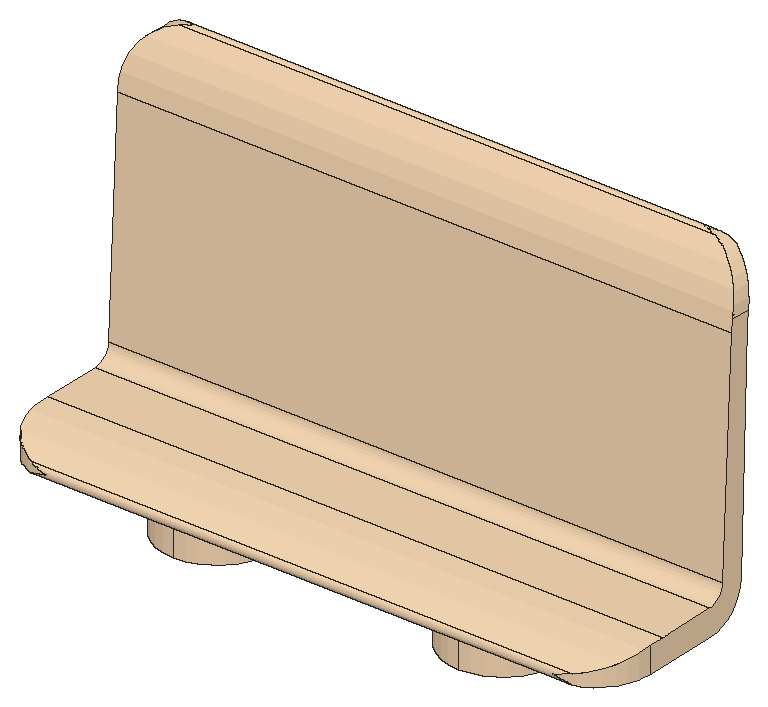
Revit family "Accessory-Shower_Shelf-KOHLER-CHOREOGRAPH-K-97621", category Specialty Equipment, host Face, Revit 2021
Family settings
  Host = Face
  Round Connector Dimension = Use Diameter
  Part Type = Normal
  OmniClass Number = 23.31.25.00
  Cut with Voids When Loaded = No
  Shared = No
  Room Calculation Point = No
Parameters (values of type "2MB-Vibrant Brushed Moderne Brass")
  Width = 7"  # constant formula
  WaterSense Certified = 1 = 0  # no
  URL = "https://www.us.kohler.com/us/"
  Type = 5
  Product Page URL = "http://www.us.kohler.com/us/catalog/productDetails.jsp?productNumber=97621"
  Product Name = "Choreograph"  # constant formula
  Product Documentation Link = "https://www.us.kohler.com/webassets/kpna/catalog/pdf/en/K-97621_spec_US-CA_Kohler_en.pdf"
  Model = if(Type = 1, "K-97621-SHP", if(Type = 2, "K-97621-BNK", if(Type = 3, "K-97621-ABZ", if(Type = 4, "K-97621-BL", if(Type = 5, "K-97621-2MB", "NA")))))  # "K-97621-2MB"
  Material = "Premium Metal Construction"  # constant formula
  Master Format 2014 Name = "Toilet, Bath, and Laundry Accessories"  # constant formula
  Master Format 2014 = "10 28 00"  # constant formula
  Manufacturer Address = "444 Highland Dr, Kohler, WI 53044"  # constant formula
  Manufacturer = "Kohler Co."  # constant formula
  Length = 3.70472"  # constant formula
  Height = 2 55/256"  # constant formula
  Finish = Kohler-Metal-2MB-Vibrant_Brushed_Moderne_Brass
  Environmental Product Declaration = ""
  Description = "7 Inch Floating Shower Shelf"  # constant formula
  Default Elevation = 42"
  Declare Label = ""
  Date Modified = "10/04/2024"  # constant formula
  Date Created = "09/16/2021"  # constant formula
  Copyright = "Copyright Kohler Co."  # constant formula
  Contact Us = "https://www.us.kohler.com/us/static/contact.jsp"
  Assembly Code = "C1030200"
  ADA Compliant = 1 = 0  # no
Types (6): name | Type | Model | Finish
  (no name) | 5 | "K-97621-2MB" | Kohler-Metal-2MB-Vibrant_Brushed_Moderne_Brass
  SHP-Bright Polished Silver | 1 | "K-97621-SHP" | Kohler-Metal-SHP-Bright_Polished_Silver
  BNK-Anodized Brushed Nickel | 2 | "K-97621-BNK" | Kohler-Metal-BNK-Anodized_Brushed_Nickel
  ABZ-Anodized Dark Bronze | 3 | "K-97621-ABZ" | Kohler-Metal-ABZ-Anodized_Dark_Bronze
  BL-Matte Black | 4 | "K-97621-BL" | Kohler-Metal-BL-Matte_Black
  2MB-Vibrant Brushed Moderne Brass | 5 | "K-97621-2MB" | Kohler-Metal-2MB-Vibrant_Brushed_Moderne_Brass
Reference planes (in)
  plane 1 "Center (Front/Back)": y = 0
  plane 2: z = 0
  plane 3 "Center (Left/Right)": x = 0
  plane 4: x = 3.5
  plane 5: x = -3.5
  plane 6: y = 2.21484
  plane 7: z = 3.70472
  plane 8: y = 2.00909
  plane 9: z = -0.44488
  plane 10: x = -1.625
  plane 11: x = 1.625
  plane 12: z = -0.29134
Forms (in)
  Extrusion 1, void
    sketch origin (0, 0, 0) x (1, 0, 0) y (0, 1, 0)
      loop
        circle (-1.625, 0.8699) r 0.625
      loop
        circle (1.625, 0.8699) r 0.625
    from -0.44488 to 0
Dimensions and locks (in)
  "Width": plane 5 to plane 4
  "Height": plane 1 "Center (Front/Back)" to plane 6
  "Length": level to plane 7
  plane 7 to plane 9 = 4.14961"
  plane 11 to plane 10 = 3 1/4"
  plane 7 to plane 12 = 3.99606"
  aligned and locked: plane 2 to host face
  aligned and locked: level to host face
  aligned and locked: Extrusion 1 to nested 1
  aligned and locked: nested 1 to plane 3 "Center (Left/Right)"
  aligned and locked: nested 1 to plane 6
Automatic sketch dimensions
  host sketch curve to host sketch curve = 96"  (x2)
Nested families (in)
  nested 1: "K-97621" at (0, 2.231, 0) x (-1, 0, 0) z (0, 0, 1), type "K-97621"
Definition of nested family "K-97621"
  Parameters
    Material = none
    Default Elevation = 0"
  Reference planes (in)
    plane 1 "Center (Front/Back)": y = 0.01616
    plane 2: z = 0
    plane 3 "Center (Left/Right)": x = 0
    plane 4: x = 3.5
    plane 5: x = -3.5
    plane 6: y = 2.22934
    plane 7: y = 0.22146
    plane 8: z = 3.70472
    plane 9: z = -0.44488
    plane 10: z = -0.29134
  Forms (in)
    Extrusion 1, solid, material <- "Material", detail levels medium+fine
      sketch origin (0, 2.43575, 0) x (0, -1, 0) y (0, 0, 1)
        loop
          line (0.26986, 0) -> (1.69484, 0)
          arc (1.69484, 0) -> (1.98873, 0.11874) -> (2.11766, 0.40831) r 0.42307
          line (2.11766, 0.40831) -> (2.20677, 2.96004)
          arc (2.20677, 2.96004) -> (2.26238, 3.29565) -> (2.40197, 3.60588) r 1.31913
          arc (2.40197, 3.60588) -> (2.38691, 3.68788) -> (2.30379, 3.68137) r 0.06225
          arc (2.30379, 3.68137) -> (2.08881, 3.35486) -> (2.00007, 2.97413) r 1.11238
          line (2.00007, 2.97413) -> (1.86926, 0.47813)
          arc (1.86926, 0.47813) -> (1.81094, 0.35162) -> (1.68155, 0.3) r 0.18797
          line (1.68155, 0.3) -> (1.00414, 0.3)
          arc (1.00414, 0.3) -> (0.61243, 0.25463) -> (0.24146, 0.12092) r 1.71359
          arc (0.24146, 0.12092) -> (0.20775, 0.04921) -> (0.26986, 0) r 0.06379
      from -3.5 to 3.5
    Extrusion 2, void
      sketch origin (0, 2.43575, -0.33219) x (-1, 0, 0) y (0, 0, 1)
        loop
          arc (-3.5, 3.43789) -> (-3.3257, 3.85868) -> (-2.90492, 4.03297) r 0.59508
          line (-2.90492, 4.03297) -> (-3.65492, 4.03297) -> (-3.65492, 3.43789) -> (-3.5, 3.43789)
        loop
          line (3.5, 3.43789) -> (3.70723, 3.43789) -> (3.70723, 4.03297) -> (2.90492, 4.03297)
          arc (2.90492, 4.03297) -> (3.3257, 3.85868) -> (3.5, 3.43789) r 0.59508
      from -2.50197 to -1.5671
    Extrusion 3, void
      sketch origin (0, 2.43575, 0) x (-1, 0, 0) y (0, -1, 0)
        loop
          arc (-2.88674, 0.20565) -> (-3.32038, 0.38527) -> (-3.5, 0.81891) r 0.61326
          line (-3.5, 0.81891) -> (-4, 0.81891) -> (-4, -0.18109) -> (-2.88674, -0.18109) -> (-2.88674, 0.20565)
        loop
          line (2.88674, 0.20565) -> (2.88674, -0.18109) -> (4.06357, -0.18109) -> (4.06357, 0.81891) -> (3.5, 0.81891)
          arc (3.5, 0.81891) -> (3.32038, 0.38527) -> (2.88674, 0.20565) r 0.61326
      from -0.1425 to 0.39189
    Extrusion 4, solid, material <- "Material", detail levels coarse
      sketch origin (0, 0, 0) x (0, 1, 0) y (0, 0, 1)
        loop
          line (2.22934, 0) -> (2.22934, 0.30052) -> (0.76533, 0.30052)
          arc (0.76533, 0.30052) -> (0.62917, 0.35521) -> (0.56866, 0.48889) r 0.19685
          line (0.56866, 0.48889) -> (0.43005, 3.70318) -> (0.02097, 3.70318) -> (0.1563, 0.56511)
          arc (0.1563, 0.56511) -> (0.33781, 0.16407) -> (0.7463, 0) r 0.59055
          line (0.7463, 0) -> (2.22934, 0)
      from -3.5 to 3.5
    Extrusion 5, solid, material <- "Material"
      sketch origin (0, 0, 0) x (1, 0, 0) y (0, 1, 0)
        loop
          circle (1.625, 1.36065) r 0.625
        loop
          circle (-1.625, 1.36065) r 0.625
      from -0.44488 to 0.07272
  Cuts and joins
    Extrusion 2, Extrusion 3 cuts Extrusion 1
  Lines and regions (in)
    Masking region 1
      outline origin (0, 0, 0) x (0, 1, 0) y (0, 0, 1)
        loop
          arc (0.42745, 2.97816) -> (0.41936, 3.06582) -> (0.40438, 3.15256) r 1.11238
          spline (0.40438, 3.15256) -> (0.39021, 3.21105) -> (0.37323, 3.26766) -> (0.35359, 3.32239) -> (0.3316, 3.37498) -> (0.30768, 3.42497) -> (0.28226, 3.472) -> (0.25574, 3.51594) -> (0.2286, 3.55667) -> (0.20133, 3.59401) -> (0.1745, 3.62782) -> (0.14864, 3.65801) -> (0.12402, 3.68484)
          arc (0.12402, 3.68484) -> (0.04075, 3.69204) -> (0.02536, 3.60989) r 0.06225
          arc (0.02536, 3.60989) -> (0.12152, 3.41875) -> (0.18407, 3.21413) r 1.26394
          arc (0.18407, 3.21413) -> (0.20921, 3.08197) -> (0.22075, 2.94792) r 1.31913
          line (0.22075, 2.94792) -> (0.30944, 0.40831)
          arc (0.30944, 0.40831) -> (0.43836, 0.11874) -> (0.73225, 0) r 0.42307
          line (0.73225, 0) -> (0.73225, -0.44488) -> (1.98565, -0.44488) -> (1.98565, 0) -> (2.16705, 0)
          arc (2.16705, 0) -> (2.22934, 0.05002) -> (2.19395, 0.12164) r 0.06379
          spline (2.19395, 0.12164) -> (2.16706, 0.13788) -> (2.13672, 0.15388) -> (2.1031, 0.16955) -> (2.06644, 0.18478) -> (2.02696, 0.19947) -> (1.98492, 0.21353) -> (1.9406, 0.22686) -> (1.89427, 0.23939) -> (1.84624, 0.25103) -> (1.79681, 0.26171) -> (1.74631, 0.27135) -> (1.69504, 0.27981)
          arc (1.69504, 0.27981) -> (1.56429, 0.29494) -> (1.43276, 0.3) r 1.71359
          line (1.43276, 0.3) -> (0.74618, 0.3)
          arc (0.74618, 0.3) -> (0.61679, 0.35162) -> (0.55847, 0.47813) r 0.18797
          line (0.55847, 0.47813) -> (0.42745, 2.97816)
    Masking region 2
      outline origin (0, 0, 0) x (1, 0, 0) y (0, 1, 0)
        loop
          line (-3.5, 1.61684) -> (-3.5, 0.19604)
          spline (-3.5, 0.19604) -> (-3.49702, 0.18514) -> (-3.49114, 0.17342) -> (-3.48239, 0.16094) -> (-3.47081, 0.14777) -> (-3.45645, 0.13395) -> (-3.43939, 0.11957) -> (-3.4197, 0.10468) -> (-3.39748, 0.08937) -> (-3.37284, 0.07369) -> (-3.34588, 0.05772) -> (-3.31674, 0.04155) -> (-3.28556, 0.02524)
          arc (-3.28556, 0.02524) -> (-3.26489, 0.01845) -> (-3.24326, 0.01616) r 0.10298
          line (-3.24326, 0.01616) -> (0.01454, 0.01616) -> (3.23793, 0.01616)
          arc (3.23793, 0.01616) -> (3.26218, 0.01844) -> (3.28557, 0.02523) r 0.12958
          spline (3.28557, 0.02523) -> (3.3164, 0.04352) -> (3.34526, 0.06136) -> (3.37201, 0.07868) -> (3.39651, 0.09538) -> (3.41864, 0.11138) -> (3.43831, 0.12661) -> (3.45541, 0.141) -> (3.46987, 0.15447) -> (3.4816, 0.16696) -> (3.49056, 0.1784) -> (3.49671, 0.18875) -> (3.5, 0.19795)
          line (3.5, 0.19795) -> (3.5, 1.61684)
          arc (3.5, 1.61684) -> (3.3311, 2.03949) -> (2.91744, 2.22934) r 0.61326
          line (2.91744, 2.22934) -> (-2.91744, 2.22934)
          arc (-2.91744, 2.22934) -> (-3.3311, 2.03949) -> (-3.5, 1.61684) r 0.61326
    Masking region 3
      outline origin (0, 0.01616, 0) x (1, 0, 0) y (0, 0, 1)
        loop
          line (-3.5, 3.10964) -> (-3.5, 0) -> (-2.25, 0) -> (-2.25, -0.44488) -> (-1, -0.44488) -> (-1, 0) -> (1, 0) -> (1, -0.44488) -> (2.25, -0.44488) -> (2.25, 0) -> (3.5, 0) -> (3.5, 3.10964)
          arc (3.5, 3.10964) -> (3.3257, 3.53043) -> (2.90492, 3.70472) r 0.59508
          line (2.90492, 3.70472) -> (-2.90492, 3.70472)
          arc (-2.90492, 3.70472) -> (-3.3257, 3.53043) -> (-3.5, 3.10964) r 0.59508
    symbolic lines, detail levels medium+fine
      curve 1: line (-3.5, 0.40474, 0) -> (-3.16988, 0.12408, 0)
      curve 2: line (-3.16988, 0.12408, 0) -> (3.16988, 0.12408, 0)
      curve 3: line (3.16988, 0.12408, 0) -> (3.5, 0.40474, 0)
      curve 4: line (-3.16988, 0.12408, 0) -> (-3.28564, 0.02591, 0)
      curve 5: line (3.28564, 0.02591, 0) -> (3.16988, 0.12408, 0)
      curve 6: arc (0, 0.38911, 2.89609) -> (0, 0.39196, 2.88412) -> (0, 0.39471, 2.87212) r 1.40701
      curve 7: line (-3.5, 0.56138, 0) -> (3.5, 0.56138, 0)
      curve 8: line (3.5, 1.61684, 0) -> (-3.5, 1.61684, 0)
      curve 9: line (-2.25, 0.01616, 0) -> (-1, 0.01616, 0)
      curve 10: line (1, 0.01616, 0) -> (2.25, 0.01616, 0)
      curve 11: line (0, 1.98565, 0) -> (0, 0.73225, 0)
      curve 12: line (-3.5, 0.01616, 2.96004) -> (3.5, 0.01616, 2.96004)
      curve 13: line (-3.5, 0.01616, 0.47813) -> (3.5, 0.01616, 0.47813)
  Dimensions and locks (in)
    plane 8 to level = 3.70472"  (x2)
    plane 7 to plane 6 = 2.00787"
    plane 6 to plane 1 "Center (Front/Back)" = 2.21318"
    plane 5 to plane 4 = 7"
    aligned and locked: plane 2 to level
